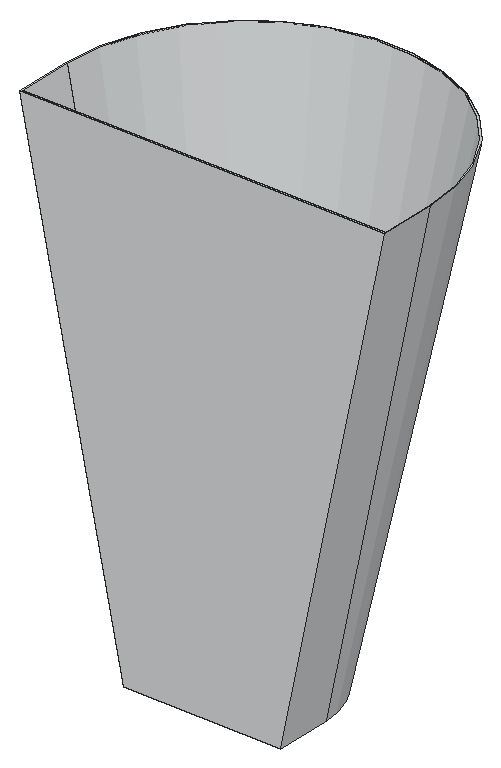
Revit family
Parameters (values of type "Continuous Spouting - Ned Kelly (Zinc)")
  Ownership = "Continuous Spouting New Zealand Ltd"
  Outlet Width = 140.0 mm
  Top Width = 350.0 mm
  Downpipe Radius = 40.0 mm
  Downpipe Offset = Distance from Wall + 80.0 mm  # 100.0 mm
  Base Width = 150.0 mm
  URL = "http://www.productspec.net/products/8630/continuous-spouting-new-zealand-ltd/rainwater-heads-ned-kelly.aspx"
  Type Comments = "Rainwater Head"
  Rainwater Head = Zinc
  Model = "Ned Kelly"
  Manufacturer = "Continuous Spouting New Zealand Ltd"
  Height = 480.0 mm
  Distance from Wall = 20.0 mm
  Top Radius = Top Width / 2  # 175.0 mm
  Created By = "Productspec Ltd"
  Base Radius = Base Width / 2  # 75.0 mm
  Author = "Zinder Zhao"
Types (5, lengths in mm): name | Rainwater Head
  Continuous Spouting - Ned Kelly (Copper) | Copper
  Continuous Spouting - Ned Kelly (Colorcote®) | Colorcote®
  Continuous Spouting - Ned Kelly (Aluminium) | Aluminium
  Continuous Spouting - Ned Kelly (Zinc) | Zinc
  Continuous Spouting - Ned Kelly (Unpainted Zincalume) | Unpainted Zincalume
Reference planes
  plane 1: y = 0
  plane 2 "Center (Left/Right)": x = 125
  plane 3 "Back": y = 75
  plane 4 "Rainwater Head Back": y = 95
  plane 5: z = 330
  plane 6: z = 300
  plane 7: z = 480
  plane 8: x = 50
  plane 9: x = 200
  plane 10: x = -50
  plane 11: x = 300
  plane 12: y = 175
Forms (mm)
  Extrusion 1, solid, material "Zinc" <- "Rainwater Head"
    sketch origin (0, 95, 0) x (-1, 0, 0) y (0, 0, 1)
      loop
        line (51, 480) -> (-301, 480) -> (-201, 0) -> (-49, 0) -> (51, 480)
    from 0 to 2
  Blend 2, solid, material "Zinc" <- "Rainwater Head"
    base sketch origin (-1788.567, -353.376, 0) x (1, 0, 0) y (0, 1, 0)
      loop
        line (1838.567, 450.376) -> (1838.567, 503.376)
        arc (1838.567, 503.376) -> (1913.567, 578.376) -> (1988.567, 503.376) r 75
        line (1988.567, 503.376) -> (1988.567, 450.376) -> (1989.567, 450.376) -> (1989.567, 503.376)
        arc (1989.567, 503.376) -> (1913.567, 579.376) -> (1837.567, 503.376) r 76
        line (1837.567, 503.376) -> (1837.567, 450.376) -> (1838.567, 450.376)
    top sketch origin (-1788.567, -353.376, 0) x (1, 0, 0) y (0, 1, 0)
      loop
        line (1738.567, 450.376) -> (1738.567, 503.376)
        arc (1738.567, 503.376) -> (1913.567, 678.376) -> (2088.567, 503.376) r 175
        line (2088.567, 503.376) -> (2088.567, 450.376) -> (2089.567, 450.376) -> (2089.567, 503.376)
        arc (2089.567, 503.376) -> (1913.567, 679.376) -> (1737.567, 503.376) r 176
        line (1737.567, 503.376) -> (1737.567, 450.376) -> (1738.567, 450.376)
    from 0 to 480
  Extrusion 3, solid, material "Zinc" <- "Rainwater Head"
    sketch origin (0, 0, 0) x (1, 0, 0) y (0, 1, 0)
      loop
        line (50, 150) -> (50, 97) -> (200, 97) -> (200, 150)
        arc (200, 150) -> (125, 225) -> (50, 150) r 75
      loop
        circle (125, 175) r 40
    from 0 to 2
  Extrusion 4, void
    sketch origin (0, 349.536, 0) x (1, 0, 0) y (0, 0, 1)
      loop
        line (195, 330) -> (55, 330)
        arc (55, 330) -> (40, 315) -> (55, 300) r 15
        line (55, 300) -> (195, 300)
        arc (195, 300) -> (210, 315) -> (195, 330) r 15
    from -65.477 to 174.536
Cuts and joins
  Extrusion 4 cuts Blend 2
  Extrusion 4 cuts Extrusion 3
  joined: Extrusion 1, Blend 2, Extrusion 3
Lines and regions (mm)
  symbolic lines, style "Rainwater Head", detail levels medium+fine
    curve 1: line (-51, 150, 0) -> (-51, 95, 0)
    curve 2: arc (301, 150, 0) -> (125, 326, 0) -> (-51, 150, 0) r 176
    curve 3: line (301, 95, 0) -> (301, 150, 0)
    curve 4: line (-51, 95, 0) -> (301, 95, 0)
    curve 5: arc (165, 175, 0) -> (125, 135, 0) -> (85, 175, 0) r 40
    curve 6: arc (85, 175, 0) -> (125, 215, 0) -> (165, 175, 0) r 40
Text (mm)
  text "Placement side" at (-1787.139, 592.35, 0), in view "Ref. Level"
  text "Placement side" at (0, 1827.695, 2917.686), in view "Left"
  text "Placement side" at (0, 562.268, 3853.606), in view "Right"
Dimensions and locks
  locked: plane 3 "Back" to host wall at 0
  "Distance from Wall": plane 4 "Rainwater Head Back" to plane 3 "Back"
  locked: plane 6 to plane 5 at 30
  plane 5 to plane 7 = 150.0 mm
  "Height": level to plane 7
  equal spacing: plane 10, plane 2 "Center (Left/Right)", plane 11
  "Top Width": plane 10 to plane 11
  equal spacing: plane 8, plane 2 "Center (Left/Right)", plane 9
  "Base Width": plane 8 to plane 9
  "Downpipe Offset": plane 12 to plane 3 "Back"
  "Base Radius": radius of Blend 2 sketch curve
  "Top Radius": radius of Blend 2 sketch curve
  "Downpipe Radius": radius of Extrusion 3 sketch curve
  aligned and locked: host wall to plane 1
  aligned and locked: Extrusion 3 sketch curve to Blend 2
  aligned and locked: Blend 2 to Extrusion 3 sketch curve
  aligned and locked: Extrusion 1 sketch curve to cut or joined group of Extrusion 1, Blend 2, Extrusion 3, Extrusion 4  (x3)
  aligned and locked: Extrusion 1 sketch curve to level
  aligned and locked: plane 7 to cut or joined group of Extrusion 1, Blend 2, Extrusion 3, Extrusion 4
  aligned and locked: cut or joined group of Extrusion 1, Blend 2, Extrusion 3, Extrusion 4 to plane 4 "Rainwater Head Back"
  aligned and locked: cut or joined group of Extrusion 1, Blend 2, Extrusion 3, Extrusion 4 to plane 8
  aligned and locked: plane 9 to cut or joined group of Extrusion 1, Blend 2, Extrusion 3, Extrusion 4
  aligned and locked: plane 10 to cut or joined group of Extrusion 1, Blend 2, Extrusion 3, Extrusion 4
  aligned and locked: cut or joined group of Extrusion 1, Blend 2, Extrusion 3, Extrusion 4 to plane 11
  aligned and locked: curve 2 to cut or joined group of Extrusion 1, Blend 2, Extrusion 3, Extrusion 4
  aligned and locked: curve 4 to cut or joined group of Extrusion 1, Blend 2, Extrusion 3, Extrusion 4
  aligned and locked: curve 5 to cut or joined group of Extrusion 1, Blend 2, Extrusion 3, Extrusion 4
Automatic sketch dimensions
  Extrusion 4 sketch curve to plane 5 = 0.0 mm
  Extrusion 4 sketch curve to plane 6 = 0.0 mm
  Extrusion 4 sketch curve to plane 2 "Center (Left/Right)" = 70.0 mm
  plane 2 "Center (Left/Right)" to Extrusion 4 sketch curve = 70.0 mm
  Blend 2 sketch curve to Blend 2 sketch curve = 0.0 mm  (x6)
  Blend 2 sketch curve to plane 2 "Center (Left/Right)" = 0.0 mm  (x2)
  plane 4 "Rainwater Head Back" to Blend 2 sketch curve = 2.0 mm  (x4)
  Blend 2 sketch curve to Blend 2 sketch curve = 1.0 mm  (x2)
  Blend 2 sketch curve to Blend 2 sketch curve = 53.0 mm  (x2)
  Extrusion 3 sketch curve to plane 2 "Center (Left/Right)" = 0.0 mm
  Extrusion 3 sketch curve to plane 12 = 0.0 mm
  plane 4 "Rainwater Head Back" to Extrusion 3 sketch curve = 2.0 mm
Connectors
  piping at (125, 175, 0), driven by "Downpipe Radius"
    settings: on cut or joined group of Extrusion 1, Blend 2, Extrusion 3, Extrusion 4, index 1
